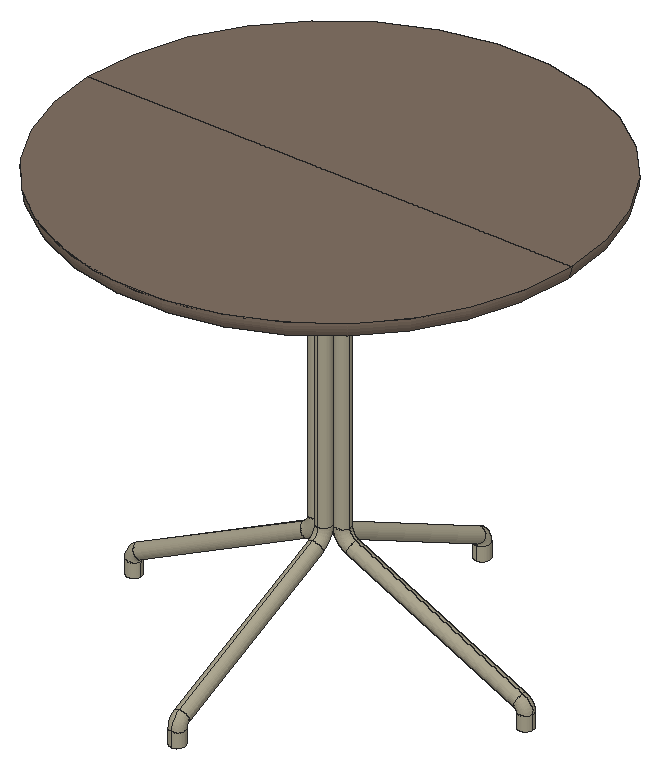
Revit family "Bicorn_Tables_BIM", category Arredi, Revit 2023
Family settings
  Numero OmniClass = 23.40.20.00
  Titolo OmniClass = General Furniture and Specialties
  Basato su piano di lavoro = No
  Attiva taglio nelle viste = No
  Sempre verticale = Sì
  Taglio con vuoti quando caricato = No
  Origine composizione di rendering = Geometria famiglia
  Condiviso = No
  Punto di calcolo locali = No
Parameters (values of type "CB-595")
  URL = "https://bassamfellows.com/"
  TECHNICAL SHEET = "https://bassamfellows.com/collections/bicorn-table"
  PRODUCT SHEET = "https://www.archiproducts.com/en/products/bassamfellows/round-stainless-steel-and-wood-table-with-4-star-base-bicorn-cafe-table_447742"
  PRODUCT CODE = "CB-595"
  Modello = "Bicorn Cafe Table"
  Produttore = "BassamFellows"
  MATERIAL DESCRIPTION = "Solid wood top, tubular stainless steel base."
  HEIGHT = 720 mm
  FEET MATERIAL = BASSAM_FELLOWS_BRONZE_BZ
  Descrizione = "Round stainless steel and wood table with 4-star base"
  Prospetto di default = 0 mm
  DIAMETER = 813 mm
  COLLECTION = "Bicorn"
  BIM USER MANUAL = "https://bimcad.edilportale.com/BASSAMFELLOWS-BIM-USER-MANUAL-BassamFellows-bim.pdf"
  BIM BADGE = "https://bim.archiproducts.com/it/badge/bim-archiproducts-featured_658700/about"
  BIM AUTHOR = "https://bim.archiproducts.com/"
  BASE MATERIAL = BASSAM_FELLOWS_WALNUT_BLACK_OIL_W-BO
  AVAILABLE FINISHES = "Ebonized black lacquer on Ash (EB) or bleached, white pigment, matte acrylic on Ash (BL). Raw effect lacquer on Oak (RE). Hand rubbed outdoor oil on Iroko (NA). Hand rubbed natural oil on Oak or Walnut (NA), or hand rubbed black oil on Walnut (BO). Base: Tubular stainless steel (SS), or tubular stainless steel with smoke powder coat finish (SP), or satin nickel (SN), satin brass (SB), bronze (BZ) or gunmetal (GM) nanoceramic coated tubular stainless steel."
  AVAILABLE DIMENSIONS = ""
  AVAILABLE COLORS = ""
  ACCESSORIES = ""
Reference planes
  plane 1 "Center (Front/Back)": y = 0
  plane 2: z = 0
  plane 3 "Center (Left/Right)": x = 0
  plane 4 "TOP": z = 720
Forms (mm)
  Revolve 1, solid, material "BASSAM_FELLOWS_WALNUT_BLACK_OIL_W-BO" <- "BASE MATERIAL", detail levels fine
    sketch origin (0, 0, 0) x (1, 0, 0) y (0, 0, 1)
      loop
        line (0, 720) -> (-406.5, 720)
        arc (-406.5, 720) -> (-399.819, 700.045) -> (-381.327, 690) r 28.722
        line (-381.327, 690) -> (0, 690) -> (0, 720)
      axis (0, 720) -> (0, 690)
    angle from 0 to 360
  Sweep 2, solid, material "BASSAM_FELLOWS_BRONZE_BZ" <- "FEET MATERIAL", detail levels fine
    path origin (-8.75, 0, 0) x (1, 0, 0) y (0, 0, 1)
      loop
        line (-320, 0) -> (-320, 23.471)
        arc (-320, 23.471) -> (-317.473, 32.14) -> (-310.684, 38.094) r 16.135
        line (-310.684, 38.094) -> (-29.882, 169.034)
        arc (-29.882, 169.034) -> (-17.259, 180.104) -> (-12.561, 196.223) r 30
        line (-12.561, 196.223) -> (-12.561, 690)
    profile origin (-328.75, 0, 11.736) x (-1, 0, 0) y (0, -1, 0)
      loop
        circle (0, 0) r 12
  Sweep 3, solid, material "BASSAM_FELLOWS_BRONZE_BZ" <- "FEET MATERIAL", detail levels fine
    path origin (8.75, 0, 0) x (-1, 0, 0) y (0, 0, -1)
      loop
        line (-320, 0) -> (-320, -23.471)
        arc (-320, -23.471) -> (-317.473, -32.14) -> (-310.684, -38.094) r 16.135
        line (-310.684, -38.094) -> (-29.882, -169.034)
        arc (-29.882, -169.034) -> (-17.259, -180.104) -> (-12.561, -196.223) r 30
        line (-12.561, -196.223) -> (-12.561, -690)
    profile origin (328.75, 0, 11.736) x (-1, 0, 0) y (0, -1, 0)
      loop
        circle (0, 0) r 12
  Sweep 4, solid, material "BASSAM_FELLOWS_BRONZE_BZ" <- "FEET MATERIAL", detail levels fine
    path origin (0, 0, 0) x (0, 1, 0) y (0, 0, 1)
      loop
        line (-320, 0) -> (-320, 23.471)
        arc (-320, 23.471) -> (-317.473, 32.14) -> (-310.684, 38.094) r 16.135
        line (-310.684, 38.094) -> (-29.882, 169.034)
        arc (-29.882, 169.034) -> (-17.259, 180.104) -> (-12.561, 196.223) r 30
        line (-12.561, 196.223) -> (-12.561, 690)
    profile origin (0, -320, 11.736) x (0, -1, 0) y (1, 0, 0)
      loop
        circle (0, 0) r 12
  Sweep 5, solid, material "BASSAM_FELLOWS_BRONZE_BZ" <- "FEET MATERIAL", detail levels fine
    path origin (0, 0, 0) x (0, -1, 0) y (0, 0, -1)
      loop
        line (-320, 0) -> (-320, -23.471)
        arc (-320, -23.471) -> (-317.473, -32.14) -> (-310.684, -38.094) r 16.135
        line (-310.684, -38.094) -> (-29.882, -169.034)
        arc (-29.882, -169.034) -> (-17.259, -180.104) -> (-12.561, -196.223) r 30
        line (-12.561, -196.223) -> (-12.561, -690)
    profile origin (0, 320, 11.736) x (0, -1, 0) y (1, 0, 0)
      loop
        circle (0, 0) r 12
  Extrusion 6, solid, detail levels medium
    sketch origin (0, 0, 0) x (1, 0, 0) y (0, 1, 0)
      loop
        circle (0, 0) r 406.5
    from 0 to 720
Lines and regions (mm)
  symbolic lines, detail levels coarse
    curve 1: line (0, 406, 724) -> (0, -406, 724)
    curve 2: line (0, 406, 150) -> (0, 406, 724)
    curve 3: line (0, -406, 150) -> (0, 406, 150)
    curve 4: line (0, -406, 724) -> (0, -406, 150)
    curve 5: line (0, 279.125, 150) -> (0, 279.125, 0)
    curve 6: line (0, 279.125, 0) -> (0, -279.253, 0)
    curve 7: line (0, -279.253, 0) -> (0, -279.253, 150)
    curve 8: arc (406.5, 0, 0) -> (0, 406.5, 0) -> (-406.5, 0, 0) r 406.5
    curve 9: arc (-406.5, 0, 0) -> (0, -406.5, 0) -> (406.5, 0, 0) r 406.5
Dimensions and locks
  aligned and locked: level to plane 2
  aligned and locked: plane 4 "TOP" to Extrusion 6
